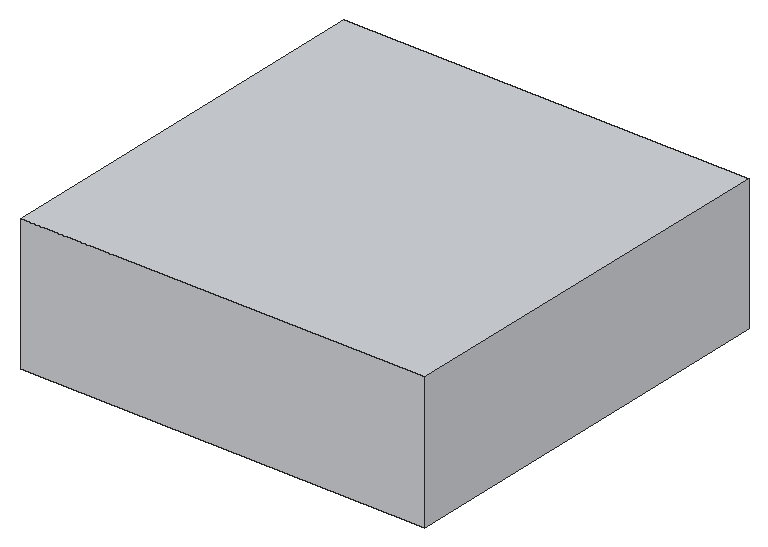
Revit family "Averaging Temperature Sensor", category Mechanical Control Devices, host Face, Revit 2025
Family settings
  Host = Face
  Round Connector Dimension = Use Diameter
  Part Type = Normal
  Cut with Voids When Loaded = No
  Maintain Annotation Orientation = Yes
  Shared = No
  Room Calculation Point = No
Parameters (values of type "ATS (Wall Mounted)")
  Width = 3"
  Wall Mounted = yes
  Rotate [instance] = no
  Not Rotate [instance] = not(Rotate)  # yes
  Label = "ATS"
  Height = 3"
  Default Elevation = 48"
  Ceiling Mounted = no
Types (3): name | Wall Mounted | Rotate | Not Rotate | Ceiling Mounted
  ATS | yes | yes | no | yes
  ATS (Wall Mounted) | yes | no | yes | no
  ATS (Ceiling Mounted) | no | yes | no | yes
Reference planes (in)
  plane 1 "Center (Front/Back)": y = 0
  plane 2: z = 0
  plane 3 "Center (Left/Right)": x = 0
  plane 4: z = 1
Forms (in)
  Extrusion 1, solid
    sketch origin (0, 0, 0) x (1, 0, 0) y (0, 1, 0)
      loop
        line (-1.5, 1.5) -> (-1.5, -1.5) -> (1.5, -1.5) -> (1.5, 1.5) -> (-1.5, 1.5)
    from 0 to 1
Dimensions and locks (in)
  equal spacing: Extrusion 1 sketch curve, plane 3 "Center (Left/Right)", Extrusion 1 sketch curve
  equal spacing: Extrusion 1 sketch curve, plane 1 "Center (Front/Back)", Extrusion 1 sketch curve
  "Height": Extrusion 1 sketch curve to Extrusion 1 sketch curve
  "Width": Extrusion 1 sketch curve to Extrusion 1 sketch curve
  plane 4 to plane 2 = 1"
  aligned and locked: plane 2 to host face
  aligned and locked: level to host face
  aligned and locked: plane 4 to Extrusion 1
Automatic sketch dimensions
  host sketch curve to host sketch curve = 96"  (x2)
Nested families (in)
  nested 1: "Wall Symbol" at (0, 0, 0), visible <- "Wall Mounted", type "Standard"
  nested 2: "Symbol" at (0, 0, 0), visible <- "Not Rotate", type "Standard"
Definition of nested family "Wall Symbol"
  Parameters (values of type "Standard")
    Rotate = yes
    Not Rotate = not(Rotate)  # no
    Label = "ATS"
  Reference planes (in)
    plane 1: y = 0
    plane 2: x = 0
  Lines and regions (in)
    detail lines
      curve 1: circle (0, 0.125, 0) r 0.125 normal (0, 0, 1)
  Text (in)
    label "ATS" at (0.00258, 0.12377, 0), shows "Label", visible <- "Not Rotate"
    label "ATS" at (0.00258, 0.12377, 0), shows "Label", visible <- "Rotate"
Definition of nested family "Symbol"
  Parameters (values of type "Standard")
    Rotate = yes
    Not Rotate = not(Rotate)  # no
    Label = "ATS"
  Reference planes (in)
    plane 1: y = 0
    plane 2: x = 0
  Lines and regions (in)
    detail lines
      curve 1: circle (0, 0, 0) r 0.125 normal (0, 0, 1)
  Text (in)
    label "ATS" at (0.00258, -0.00123, 0), shows "Label", visible <- "Not Rotate"
    label "ATS" at (0.00258, -0.00123, 0), shows "Label", visible <- "Rotate"
